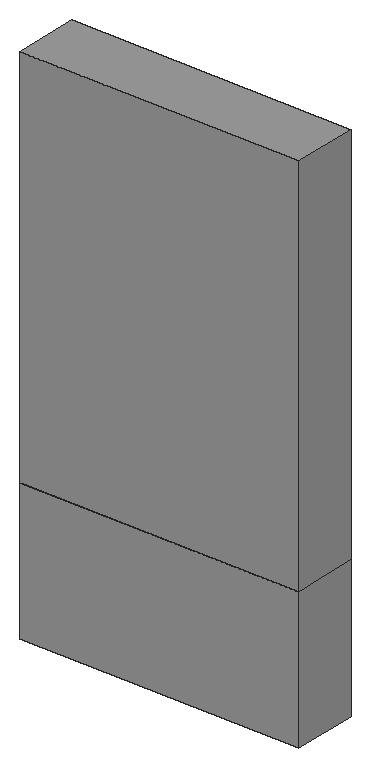
Revit family "STC_A3-345-RET-TYPICAL-WALL", category Site, Revit 2016
Family settings
  Part Type = Undefined
  Round Connector Dimension = Use Diameter
  Work Plane-Based = No
  Always vertical = Yes
  Cut with Voids When Loaded = No
  Shared = No
Parameters (values of type "Ret Typical Wall")
  height = 2500 mm
  WIDTH = 1500 mm
  DEPTH = 500 mm
Reference planes
  plane 1 "Center (Front/Back)": y = -57.5
  plane 2: z = 0
  plane 3 "Center (Left/Right)": x = 0
  plane 4: x = -750
  plane 5: x = 750
  plane 6: y = 287.5
  plane 7: z = -500
  plane 8: z = 2500
  plane 9: z = 2330
  plane 10: z = 255
  plane 11: y = 115
Forms (mm)
  Extrusion 1, solid, material "1-wall"
    sketch origin (0, 0, 0) x (0, 1, 0) y (0, 0, 1)
      loop
        line (287.5, 255) -> (287.5, 2330) -> (-57.5, 2330) -> (-57.5, 255) -> (287.5, 255)
    from -750 to 750
  Extrusion 2, solid, material "1-Plinth"
    sketch origin (0, 0, 0) x (0, 1, 0) y (0, 0, 1)
      loop
        line (287.5, -500) -> (287.5, 255) -> (-57.5, 255) -> (-57.5, -500) -> (287.5, -500)
    from -750 to 750
Dimensions and locks
  "height": level to plane 8
  "DEPTH": plane 7 to level
  locked: plane 8 to plane 9 at 170
  "WIDTH": plane 4 to plane 5
  plane 6 to plane 11 to plane 1 "Center (Front/Back)" = 172.5 mm, 172.5 mm
  aligned and locked: Extrusion 1 to plane 5
  aligned and locked: plane 4 to Extrusion 1
  aligned and locked: plane 9 to Extrusion 1
  aligned and locked: plane 10 to Extrusion 1
  aligned and locked: plane 7 to Extrusion 2
  aligned and locked: Extrusion 2 to Extrusion 1
  aligned and locked: plane 4 to Extrusion 2
  aligned and locked: Extrusion 2 to plane 5
Automatic sketch dimensions
  Extrusion 1 sketch curve to plane 1 "Center (Front/Back)" = 0 mm
  Extrusion 1 sketch curve to plane 6 = 0 mm
  Extrusion 1 sketch curve to plane 7 = 755 mm
  Extrusion 1 sketch curve to plane 9 = 0 mm
  Extrusion 2 sketch curve to plane 1 "Center (Front/Back)" = 0 mm
  Extrusion 2 sketch curve to plane 6 = 0 mm
  plane 10 to Extrusion 2 sketch curve = 755 mm
  Extrusion 2 sketch curve to plane 9 = 2075 mm
